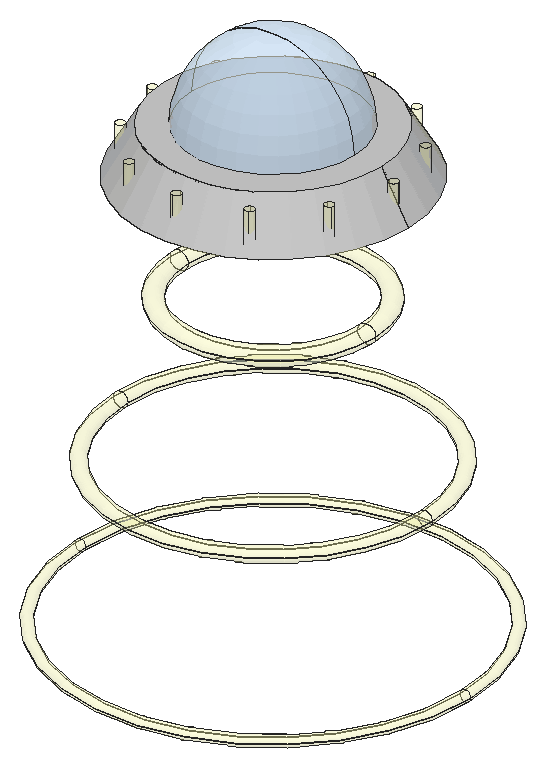
Revit family "UFO_unit", category Generic Models, Revit 2020
Family settings
  Can host rebar = No
  Round Connector Dimension = Use Diameter
  Part Type = Normal
  Work Plane-Based = Yes
  Always vertical = No
  Cut with Voids When Loaded = No
  Shared = No
  Room Calculation Point = No
Parameters
  show_beam [instance] = yes
  Default Elevation = 0 mm
Reference planes
  plane 1 "Center (Front/Back)": y = 0
  plane 2: z = 0
  plane 3 "Center (Left/Right)": x = 0
Forms (mm)
  Blend 1, solid
    base sketch origin (0, 0, 0) x (1, 0, 0) y (0, 1, 0)
      loop
        circle (0, 0) r 1500
    top sketch origin (0, 0, 0) x (1, 0, 0) y (0, 1, 0)
      loop
        circle (0, 0) r 1200
    from 0 to 500
  Revolve 2, solid
    sketch origin (0, 0, 0) x (1, 0, 0) y (0, 0, 1)
      loop
        arc (900, 500) -> (636.396, 1136.396) -> (0, 1400) r 900
        line (0, 1400) -> (0, 500) -> (900, 500)
      axis (0, 1400) -> (0, 500)
    angle from 0 to 360
  Extrusion 3, solid
    sketch origin (-900, 0, 0) x (1, 0, 0) y (0, 1, 0)
      loop
        circle (2234.357, 0) r 50
    from 50 to 400
  Extrusion 4, solid
    sketch origin (-779.423, 450, 0) x (0.866025, -0.5, 0) y (0.5, 0.866025, 0)
      loop
        circle (2234.357, 0) r 50
    from 50 to 400
  Extrusion 5, solid
    sketch origin (-779.423, -450, 0) x (0.866025, 0.5, 0) y (-0.5, 0.866025, 0)
      loop
        circle (2234.357, 0) r 50
    from 50 to 400
  Extrusion 6, solid
    sketch origin (-450, -779.423, 0) x (0.5, 0.866025, 0) y (-0.866025, 0.5, 0)
      loop
        circle (2234.357, 0) r 50
    from 50 to 400
  Extrusion 7, solid
    sketch origin (0, -900, 0) x (0, 1, 0) y (-1, 0, 0)
      loop
        circle (2234.357, 0) r 50
    from 50 to 400
  Extrusion 8, solid
    sketch origin (450, -779.423, 0) x (-0.5, 0.866025, 0) y (-0.866025, -0.5, 0)
      loop
        circle (2234.357, 0) r 50
    from 50 to 400
  Extrusion 9, solid
    sketch origin (779.423, -450, 0) x (-0.866025, 0.5, 0) y (-0.5, -0.866025, 0)
      loop
        circle (2234.357, 0) r 50
    from 50 to 400
  Extrusion 10, solid
    sketch origin (900, 0, 0) x (-1, 0, 0) y (0, -1, 0)
      loop
        circle (2234.357, 0) r 50
    from 50 to 400
  Extrusion 11, solid
    sketch origin (779.423, 450, 0) x (-0.866025, -0.5, 0) y (0.5, -0.866025, 0)
      loop
        circle (2234.357, 0) r 50
    from 50 to 400
  Extrusion 12, solid
    sketch origin (450, 779.423, 0) x (-0.5, -0.866025, 0) y (0.866025, -0.5, 0)
      loop
        circle (2234.357, 0) r 50
    from 50 to 400
  Extrusion 13, solid
    sketch origin (0, 900, 0) x (0, -1, 0) y (1, 0, 0)
      loop
        circle (2234.357, 0) r 50
    from 50 to 400
  Extrusion 14, solid
    sketch origin (-450, 779.423, 0) x (0.5, -0.866025, 0) y (0.866025, 0.5, 0)
      loop
        circle (2234.357, 0) r 50
    from 50 to 400
  Sweep 15, solid, visible <- "show_beam"
    path in 3D
      loop
        arc (-500, 0, 0) -> (0, -500, 0) -> (500, 0, 0) r 500
        arc (500, 0, 0) -> (0, 500, 0) -> (-500, 0, 0) r 500
    profile "profile : DD" origin (0, 500, 0) x (0, -1, 0) y (0, 0, 1)
      loop
        circle (-1629.857, -4421.73) r 60
      loop
        circle (-1183.611, -2822.233) r 80
      loop
        circle (-537.701, -1215.914) r 100
Lines and regions (mm)
  reference lines
    curve 1: circle (0, 0, 0) r 500 normal (0, 0, 1)
  sketch lines
    curve 2: circle (0, 0, 0) r 500 normal (0, 0, 1)
Dimensions and locks
  aligned and locked: plane 2 to level
